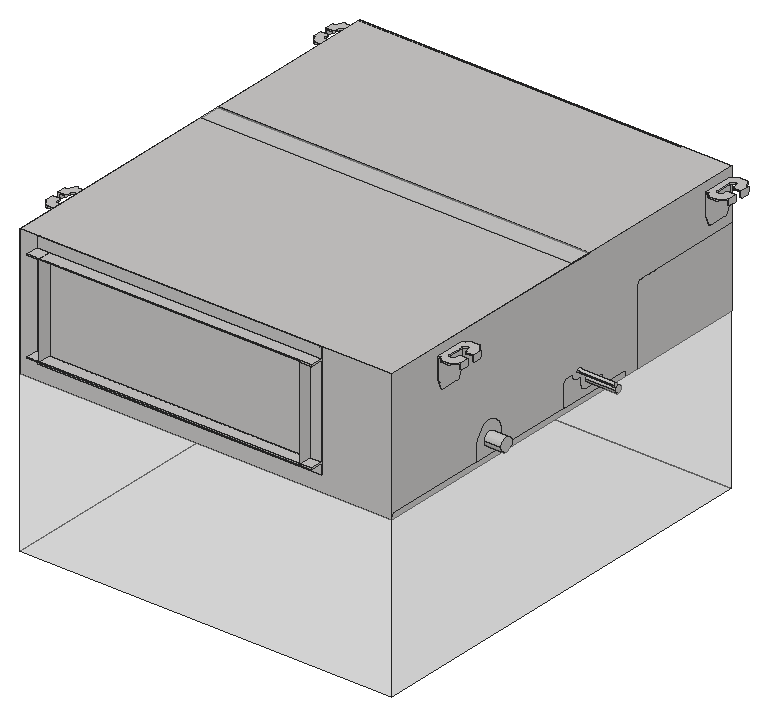
Revit family "outputfile", category 機械設備, Revit 2024
Family settings
  丸型コネクタ寸法 = 半径を使用
  パーツ タイプ = 標準
  OmniClass 番号 = 23.75.10.24.21.27.27
  OmniClass タイトル = Split System Air Conditioning Units
  作業面ベース = いいえ
  常に垂直 = はい
  ロード時にボイドで切り取り = いいえ
  注釈の向きを維持 = いいえ
  共有 = いいえ
  部屋計算ポイント = はい
Parameters (values of type "FDBF13DV2S")
  Description = ""
  書き出し IFC クラス(タイプ) = "IfcUnitaryEquipmentType"
  定義済み IFC タイプ(タイプ) = "AIRCONDITIONINGUNIT"
  Cost = 0
  Type Comments = ""
  Keynote = ""
  Type Image = (empty or 0)
  Assembly Code = ""
  switch_frequency = yes
  ra duct size width = 559 mm
  ra duct size height [instance] = if(Rear Connection_Return Air, 203 mm, 204 mm)  # 203 mm
  lw_duct size width = 604 mm
  connector_voltage = Voltage_50Hz  # 220 V
  connector_powerinput = [Power Input (Cooling)]  # 0.000 kW
  connector_phase = Phase_50Hz  # 1
  URL = ""
  RA_length [instance] = if(Rear Connection_Return Air, 126 mm, 125.5 mm)  # 126 mm
  angle_drainpipe [instance] = if(Right Connection_refrigerant, 90.00°, 270.00°)  # 90.00°
  angle_gaspipe [instance] = if(Right Connection_refrigerant, 90.00°, 270.00°)  # 90.00°
  angle_liquidpipe [instance] = if(Right Connection_refrigerant, 90.00°, 270.00°)  # 90.00°
  angle_Return Air [instance] = if(Rear Connection_Return Air, 90.00°, 0.00°)  # 90.00°
  Right Connection_refrigerant [instance] = yes
  Rear Connection_Return Air [instance] = not(Bottom Connection_Return Air)  # yes
  製造元 = "Daikin"
  モデル = "FDBF13DV2S"
  r_Liquid Pipe Size = Liquid Pipe Size / 2  # 3.2 mm
  r_Gas Pipe Size = Gas Pipe Size / 2  # 6.35 mm
  r_Drain Pipe Size = Drain Pipe Size / 2  # 12.5 mm
  lw_power = 60 mm  # constant formula
  lh_power = 30 mm  # constant formula
  ld_power = Depth / 2  # 400 mm
  Voltage_comment_50Hz = "220 - 240"
  Voltage_50Hz = 220 V
  Supply Air Direction [instance] = yes
  Sound Power Level_H speed (dB) = 0
  Phase_50Hz = 1
  Minimum External Static Pressure = 15.00 Pa
  Minimum Circuit Amps_50Hz = 0.0 A
  Maximum Fuse Amps_50Hz = 0.0 A
  Maximum External Static Pressure = 38.00 Pa
  Material_Casing = DAIKIN_GalvanizedSteel_Casing_indoorunit
  lw_mountinghole = 738 mm
  lh_gaspipe = 22 mm  # constant formula
  lh_mountinghole = 230 mm  # constant formula
  lh_liquidpipe = 185 mm  # constant formula
  lh_drainpipe = 207 mm  # constant formula
  lh_antena = (Height - lh_mountinghole) + 1 mm  # 16 mm
  ld_drainpipe = 228 mm  # constant formula
  ld_liquidpipe = 438 mm  # constant formula
  ld_gaspipe = 22 mm  # constant formula
  ld_mountinghole = 0 mm
  h*** = 0 mm
  lw_liquidpipe = 421 mm
  lw_gaspipe = 408 mm
  lw_drainpipe = 383 mm
  Width = 700 mm
  Version = "ver.1.0"
  Unit Type = "L.S.P. Duct for Bed Room"
  Unit Mass Weight = 26.00 kg
  Unit Designation [instance] = ""
  Uniclass2015Version = "Products v1.30"
  Uniclass2015Title = "Split coil room air conditioning units"
  Uniclass2015Code = "Pr_70_65_03_86"
  Total Cooling Capacity [instance] = 0.000 kW
  Sound Pressure Level_M speed (dBA) = 33
  Sound Pressure Level_L speed (dBA) = 25
  Sound Pressure Level_H speed (dBA) = 37
  Series = "SkyAir_Fan Coil Unit"
  Sensible Cooling Capacity [instance] = 0.000 kW
  SA Duct Size Width = 490 mm
  SA Duct Size Height = 174 mm
  Refrigerant Type = "R32"
  RA Duct Size Width = 563 mm
  RA Duct Size Height = 203 mm
  Power Input (Cooling) = 0.000 kW
  Option Accessory 3 [instance] = ""
  Option Accessory 2 [instance] = ""
  Option Accessory 1 [instance] = ""
  Nominal Cooling Capacity = 3.800 kW
  Minimum Airflow = 570.00 m³/h
  Median Airflow = 720.00 m³/h
  Maximum Airflow = 900.00 m³/h
  Load Classification = HVAC
  Liquid Pipe Size = 6.4 mm
  Link_Nested Family [instance] = ""
  Left Connection_refrigerant [instance] = not(Right Connection_refrigerant)  # no
  IfcVersion = ""
  IfcExportType = "AIRCONDITIONINGUNIT"
  IfcExportAs = "IfcUnitaryEquipmentType"
  Height = 245 mm
  Heat Exchanger Type = "Cross Fin Coil"
  Gas Pipe Size = 12.7 mm
  Frequency_50Hz = 50 Hz
  Fan Type = "Sirocco Fan"
  Fan Drive = "Direct Drive"
  FCU Tag No. [instance] = ""
  Drain Pipe Size = 25.0 mm
  Design Supply Airflow [instance] = 0.00 m³/h
  Design Return Airflow [instance] = 0.00 m³/h
  Design External Static Pressure [instance] = 0.00 Pa
  Depth = 800 mm
  既定の高さ = 0 mm
  Cooling Entering Wet Bulb Temperature [instance] = 0.00 °C
  Cooling Entering Dry Bulb Temperature [instance] = 0.00 °C
  Cooling Ambient Wet Bulb Temperature [instance] = 0.00 °C
  Cooling Ambient Dry Bulb Temperature [instance] = 0.00 °C
  Clearance visibility [instance] = yes
  Clearance Top = 0 mm
  Clearance Right = 0 mm
  Clearance Rear = 0 mm
  Clearance Left = 0 mm
  Clearance Front = 0 mm
  Clearance Bottom = 300 mm
  Bottom Connection_Return Air [instance] = no
Reference planes
  plane 1 "Center (Front/Back)": y = 0
  plane 2 "h": z = 0
  plane 3 "Center (Left/Right)": x = 0
  plane 4 "Back": y = 400
  plane 5 "Front": y = -400
  plane 6 "Left": x = -350
  plane 7 "Right": x = 350
  plane 8 "Top": z = 0
  plane 9 "Bottom": z = -245
  plane 10: y = 400
  plane 11: y = -400
  plane 12: x = -350
  plane 13: x = 350
  plane 14: z = 0
  plane 15: z = -545
  plane 16: y = 364
  plane 17: y = -266
  plane 18: z = -15
  plane 19: x = -317
  plane 20: x = -408
  plane 21: x = 408
  plane 22: x = -421
  plane 23: x = 421
  plane 24: y = 38
  plane 25: y = 60
  plane 26: y = -172
  plane 27: z = -207
  plane 28: z = -207
  plane 29: z = -185
  plane 30: x = -383
  plane 31: x = 383
  plane 32: x = 254.5
  plane 33: x = -349.5
  plane 34: y = 151.5
  plane 35: z = -215
  plane 36: x = 290
  plane 37: x = -47.5
  plane 38: y = 274
  plane 39: z = -119.5
  plane 40: x = -369
  plane 41: x = 369
Forms (mm)
  Extrusion 1, solid, material "DAIKIN_GalvanizedSteel_Casing_indoorunit" <- "Material_Casing"
    sketch origin (0, 0, 0) x (1, 0, 0) y (0, 1, 0)
      loop
        line (-350, 400) -> (-350, -400) -> (350, -400) -> (350, 400) -> (-350, 400)
    from -245 to 0
  Extrusion 2, solid, material "DAIKIN_GalvanizedSteel_Casing_indoorunit" <- "Material_Casing", visible <- "Right Connection_refrigerant"
    sketch origin (350, 0, 0) x (0, 1, 0) y (0, 0, 1)
      loop
        circle (-172, -207) r 12.5
    from 0 to 33
  Extrusion 3, solid, material "DAIKIN_GalvanizedSteel_Casing_indoorunit" <- "Material_Casing", visible <- "Left Connection_refrigerant"
    sketch origin (-350, 0, 0) x (0, 1, 0) y (0, 0, 1)
      loop
        circle (-172, -207) r 12.5
    from 0 to -33
  Extrusion 4, solid, material "DAIKIN_GalvanizedSteel_Casing_indoorunit" <- "Material_Casing", visible <- "Right Connection_refrigerant"
    sketch origin (350, 0, 0) x (0, 1, 0) y (0, 0, 1)
      loop
        circle (38, -185) r 3.2
    from 0 to 71
  Extrusion 5, solid, material "DAIKIN_GalvanizedSteel_Casing_indoorunit" <- "Material_Casing", visible <- "Right Connection_refrigerant"
    sketch origin (350, 0, 0) x (0, 1, 0) y (0, 0, 1)
      loop
        circle (60, -207) r 6.35
    from 0 to 58
  Extrusion 6, solid, material "DAIKIN_GalvanizedSteel_Casing_indoorunit" <- "Material_Casing", visible <- "Left Connection_refrigerant"
    sketch origin (-350, 0, 0) x (0, 1, 0) y (0, 0, 1)
      loop
        circle (60, -207) r 6.35
    from 0 to -58
  Extrusion 7, solid, material "DAIKIN_GalvanizedSteel_Casing_indoorunit" <- "Material_Casing", visible <- "Left Connection_refrigerant"
    sketch origin (-350, 0, 0) x (0, 1, 0) y (0, 0, 1)
      loop
        circle (38, -185) r 3.2
    from 0 to -71
  Extrusion 8, solid, material "DAIKIN_GalvanizedSteel_Casing_indoorunit" <- "Material_Casing", visible <- "Right Connection_refrigerant"
    sketch origin (350, 0, 0) x (0, 1, 0) y (0, 0, 1)
      loop
        line (22.284, -188) -> (7.5, -188)
        arc (7.5, -188) -> (5.379, -188.879) -> (4.5, -191) r 3
        line (4.5, -191) -> (4.5, -232)
        arc (4.5, -232) -> (5.379, -234.121) -> (7.5, -235) r 3
        line (7.5, -235) -> (91, -235)
        arc (91, -235) -> (93.121, -234.121) -> (94, -232) r 3
        line (94, -232) -> (94, -220)
        arc (94, -220) -> (93.121, -217.879) -> (91, -217) r 3
        line (91, -217) -> (75.564, -217)
        arc (75.564, -217) -> (51.595, -223.481) -> (42.766, -200.274) r 18.5
        arc (42.766, -200.274) -> (29.776, -198.725) -> (22.284, -188) r 16
    from 0 to -1
  Extrusion 9, solid, material "DAIKIN_GalvanizedSteel_Casing_indoorunit" <- "Material_Casing", visible <- "Left Connection_refrigerant"
    sketch origin (-350, 0, 0) x (0, 1, 0) y (0, 0, 1)
      loop
        line (22.284, -188) -> (7.5, -188)
        arc (7.5, -188) -> (5.379, -188.879) -> (4.5, -191) r 3
        line (4.5, -191) -> (4.5, -232)
        arc (4.5, -232) -> (5.379, -234.121) -> (7.5, -235) r 3
        line (7.5, -235) -> (91, -235)
        arc (91, -235) -> (93.121, -234.121) -> (94, -232) r 3
        line (94, -232) -> (94, -220)
        arc (94, -220) -> (93.121, -217.879) -> (91, -217) r 3
        line (91, -217) -> (75.564, -217)
        arc (75.564, -217) -> (51.595, -223.481) -> (42.766, -200.274) r 18.5
        arc (42.766, -200.274) -> (29.776, -198.725) -> (22.284, -188) r 16
    from 0 to 1
  Extrusion 10, solid, material "DAIKIN_GalvanizedSteel_Casing_indoorunit" <- "Material_Casing", visible <- "Right Connection_refrigerant"
    sketch origin (350, 0, 0) x (0, 1, 0) y (0, 0, 1)
      loop
        line (-199.5, -235) -> (-144.5, -235) -> (-144.5, -204.7)
        arc (-144.5, -204.7) -> (-152.555, -185.255) -> (-172, -177.2) r 27.5
        arc (-172, -177.2) -> (-191.445, -185.255) -> (-199.5, -204.7) r 27.5
        line (-199.5, -204.7) -> (-199.5, -235)
    from 0 to -1
  Extrusion 11, solid, material "DAIKIN_GalvanizedSteel_Casing_indoorunit" <- "Material_Casing", visible <- "Left Connection_refrigerant"
    sketch origin (-350, 0, 0) x (0, 1, 0) y (0, 0, 1)
      loop
        line (-199.5, -235) -> (-144.5, -235) -> (-144.5, -204.7)
        arc (-144.5, -204.7) -> (-152.555, -185.255) -> (-172, -177.2) r 27.5
        arc (-172, -177.2) -> (-191.445, -185.255) -> (-199.5, -204.7) r 27.5
        line (-199.5, -204.7) -> (-199.5, -235)
    from 0 to 1
  Extrusion 12, solid, material "DAIKIN_GalvanizedSteel_Casing_indoorunit" <- "Material_Casing", visible <- "Right Connection_refrigerant"
    sketch origin (350, 0, 0) x (0, 1, 0) y (0, 0, 1)
      loop
        line (400, -245) -> (400, -95.5) -> (182, -95.5)
        arc (182, -95.5) -> (179.879, -96.379) -> (179, -98.5) r 3
        line (179, -98.5) -> (179, -245) -> (400, -245)
    from 0 to -1
  Extrusion 13, solid, material "DAIKIN_GalvanizedSteel_Casing_indoorunit" <- "Material_Casing", visible <- "Bottom Connection_Return Air"
    sketch origin (0, 400, 0) x (-1, 0, 0) y (0, 0, 1)
      loop
        line (-254.5, 0) -> (-254.5, -245) -> (349.5, -245) -> (349.5, 0) -> (-254.5, 0)
    from 0 to -1
  Extrusion 14, solid, material "DAIKIN_GalvanizedSteel_Casing_indoorunit" <- "Material_Casing", visible <- "Rear Connection_Return Air"
    sketch origin (0, 0, -245) x (-1, 0, 0) y (0, -1, 0)
      loop
        line (349.5, -400) -> (349.5, -151.5) -> (-254.5, -151.5) -> (-254.5, -400) -> (349.5, -400)
    from 0 to 1
  Extrusion 15, solid, material "DAIKIN_GalvanizedSteel_Casing_indoorunit" <- "Material_Casing", visible <- "Right Connection_refrigerant"
    sketch origin (350, 0, 0) x (0, 1, 0) y (0, 0, 1)
      loop
        arc (-397, -235) -> (-399.121, -235.879) -> (-400, -238) r 3
        line (-400, -238) -> (-400, -245) -> (147.5, -245) -> (147.5, -238)
        arc (147.5, -238) -> (146.621, -235.879) -> (144.5, -235) r 3
        line (144.5, -235) -> (-397, -235)
    from 0 to -1
  Extrusion 16, solid, material "DAIKIN_GalvanizedSteel_Casing_indoorunit" <- "Material_Casing", visible <- "Left Connection_refrigerant"
    sketch origin (-350, 0, 0) x (0, 1, 0) y (0, 0, 1)
      loop
        arc (-397, -235) -> (-399.121, -235.879) -> (-400, -238) r 3
        line (-400, -238) -> (-400, -245) -> (147.5, -245) -> (147.5, -238)
        arc (147.5, -238) -> (146.621, -235.879) -> (144.5, -235) r 3
        line (144.5, -235) -> (-397, -235)
    from 0 to 1
  Extrusion 17, solid, material "DAIKIN_GalvanizedSteel_Casing_indoorunit" <- "Material_Casing", visible <- "Left Connection_refrigerant"
    sketch origin (-350, 0, 0) x (0, 1, 0) y (0, 0, 1)
      loop
        line (400, -245) -> (400, -95.5) -> (182, -95.5)
        arc (182, -95.5) -> (179.879, -96.379) -> (179, -98.5) r 3
        line (179, -98.5) -> (179, -245) -> (400, -245)
    from 0 to 1
  Extrusion 18, void
    sketch origin (0, 0, 0) x (-1, 0, 0) y (0, -1, 0)
      loop
        line (350, -66.5) -> (350, -25) -> (-350, -25) -> (-350, -66.5) -> (350, -66.5)
    from 0 to -1
Cuts and joins
  Extrusion 18 cuts Extrusion 1
Dimensions and locks
  "Height": plane 8 "Top" to plane 9 "Bottom"
  equal spacing: plane 4 "Back", plane 1 "Center (Front/Back)", plane 5 "Front"
  "Depth": plane 4 "Back" to plane 5 "Front"
  equal spacing: plane 6 "Left", plane 3 "Center (Left/Right)", plane 7 "Right"
  "Width": plane 6 "Left" to plane 7 "Right"
  "Clearance Left": plane 12 to plane 6 "Left"
  "Clearance Right": plane 7 "Right" to plane 13
  "Clearance Rear": plane 10 to plane 4 "Back"
  "Clearance Front": plane 5 "Front" to plane 11
  "Clearance Top": plane 14 to plane 8 "Top"
  "Clearance Bottom": plane 9 "Bottom" to plane 15
  locked: plane 4 "Back" to plane 16 at 36
  locked: plane 17 to plane 5 "Front" at 134
  locked: plane 6 "Left" to plane 19 at 33
  "ld_liquidpipe": plane 24 to plane 5 "Front"
  "ld_drainpipe": plane 26 to plane 5 "Front"
  "ld_gaspipe": plane 25 to plane 24
  "lh_drainpipe": plane 8 "Top" to plane 28
  "lh_liquidpipe": plane 8 "Top" to plane 29
  "lh_gaspipe": plane 29 to plane 27
  locked: plane 7 "Right" to plane 32 at 95.5
  locked: plane 33 to plane 6 "Left" at 0.5
  locked: plane 4 "Back" to plane 34 at 248.5
  "lw_drainpipe": plane 3 "Center (Left/Right)" to plane 31
  "lw_drainpipe": plane 30 to plane 3 "Center (Left/Right)"
  "lw_gaspipe": plane 3 "Center (Left/Right)" to plane 21
  "lw_gaspipe": plane 20 to plane 3 "Center (Left/Right)"
  "lw_liquidpipe": plane 3 "Center (Left/Right)" to plane 23
  "lw_liquidpipe": plane 22 to plane 3 "Center (Left/Right)"
  "lw_power": plane 7 "Right" to plane 36
  "lh_power": plane 9 "Bottom" to plane 35
  equal spacing: plane 33, plane 37, plane 32
  locked: plane 4 "Back" to plane 38 at 126
  locked: plane 9 "Bottom" to plane 39 at 125.5
  equal spacing: plane 40, plane 3 "Center (Left/Right)", plane 41
  "lw_mountinghole": plane 40 to plane 41
  "lh_mountinghole": plane 18 to plane 9 "Bottom"
  locked: Extrusion 18 sketch curve to Extrusion 18 sketch curve at 41.5
  locked: plane 1 "Center (Front/Back)" to Extrusion 18 sketch curve at 25
  "r_Drain Pipe Size": radius of Extrusion 2 sketch curve
  "r_Drain Pipe Size": radius of Extrusion 3 sketch curve
  "r_Liquid Pipe Size": radius of Extrusion 4 sketch curve
  "r_Gas Pipe Size": radius of Extrusion 5 sketch curve
  "r_Gas Pipe Size": radius of Extrusion 6 sketch curve
  "r_Liquid Pipe Size": radius of Extrusion 7 sketch curve
  aligned and locked: level to plane 2 "h"
  aligned and locked: plane 8 "Top" to Extrusion 1
  aligned and locked: Extrusion 1 to plane 9 "Bottom"
  aligned and locked: nested 2 to plane 11
  aligned and locked: plane 12 to nested 2
  aligned and locked: plane 13 to nested 2
  aligned and locked: nested 2 to plane 12
  aligned and locked: plane 10 to nested 2
  aligned and locked: plane 14 to nested 2
  aligned and locked: plane 15 to nested 2
  aligned and locked: plane 5 "Front" to Extrusion 1 sketch curve
  aligned and locked: level to plane 8 "Top"
  aligned and locked: nested 3 to plane 6 "Left"
  aligned and locked: nested 6 to plane 6 "Left"
  aligned and locked: plane 7 "Right" to nested 5
  aligned and locked: plane 7 "Right" to nested 4
  aligned and locked: nested 3 to plane 16
  aligned and locked: plane 16 to nested 4
  aligned and locked: plane 17 to nested 6
  aligned and locked: nested 5 to plane 17
  aligned and locked: plane 18 to nested 3
  aligned and locked: plane 18 to nested 6
  aligned and locked: plane 18 to nested 4
  aligned and locked: plane 18 to nested 5
  aligned and locked: nested 7 to plane 5 "Front"
  aligned and locked: nested 7 to plane 19
  aligned and locked: plane 28 to Extrusion 2 sketch curve
  aligned and locked: plane 26 to Extrusion 2 sketch curve
  aligned and locked: plane 31 to Extrusion 2
  aligned and locked: plane 28 to Extrusion 3 sketch curve
  aligned and locked: plane 26 to Extrusion 3 sketch curve
  aligned and locked: Extrusion 3 to plane 30
  aligned and locked: plane 29 to Extrusion 4 sketch curve
  aligned and locked: plane 24 to Extrusion 4 sketch curve
  aligned and locked: plane 23 to Extrusion 4
  aligned and locked: plane 28 to Extrusion 5 sketch curve
  aligned and locked: plane 25 to Extrusion 5 sketch curve
  aligned and locked: plane 21 to Extrusion 5
  aligned and locked: plane 28 to Extrusion 6 sketch curve
  aligned and locked: plane 25 to Extrusion 6 sketch curve
  aligned and locked: Extrusion 6 to plane 20
  aligned and locked: plane 29 to Extrusion 7 sketch curve
  aligned and locked: plane 24 to Extrusion 7 sketch curve
  aligned and locked: Extrusion 7 to plane 22
  aligned and locked: Extrusion 13 to plane 33
  aligned and locked: plane 32 to Extrusion 13
  aligned and locked: plane 8 "Top" to Extrusion 13
  aligned and locked: Extrusion 13 to plane 9 "Bottom"
  aligned and locked: Extrusion 14 to plane 33
  aligned and locked: plane 32 to Extrusion 14
  aligned and locked: Extrusion 14 to plane 34
  aligned and locked: plane 4 "Back" to Extrusion 14
  aligned and locked: nested 8 to plane 4 "Back"
  aligned and locked: nested 8 to plane 33
  aligned and locked: plane 8 "Top" to nested 8
  aligned and locked: nested 9 to plane 34
  aligned and locked: plane 4 "Back" to nested 9
  aligned and locked: plane 32 to nested 9
  aligned and locked: nested 9 to plane 9 "Bottom"
  aligned and locked: nested 10 to plane 26
  aligned and locked: plane 3 "Center (Left/Right)" to nested 10
  aligned and locked: nested 10 to plane 28
  aligned and locked: nested 11 to plane 24
  aligned and locked: plane 3 "Center (Left/Right)" to nested 11
  aligned and locked: nested 11 to plane 29
  aligned and locked: nested 12 to plane 25
  aligned and locked: plane 3 "Center (Left/Right)" to nested 12
  aligned and locked: nested 12 to plane 28
  aligned and locked: nested 13 to plane 35
  aligned and locked: nested 13 to plane 36
  aligned and locked: nested 13 to plane 1 "Center (Front/Back)"
  aligned and locked: plane 37 to nested 14
  aligned and locked: nested 14 to plane 38
  aligned and locked: plane 38 to nested 14  (x2)
  aligned and locked: plane 40 to nested 15
  aligned and locked: plane 17 to nested 15
  aligned and locked: plane 40 to nested 16
  aligned and locked: nested 16 to plane 16
  aligned and locked: plane 41 to nested 18
  aligned and locked: plane 17 to nested 18
  aligned and locked: plane 41 to nested 17
  aligned and locked: nested 17 to plane 16
  aligned and locked: plane 1 "Center (Front/Back)" to nested 1
  aligned and locked: plane 3 "Center (Left/Right)" to nested 1
  aligned and locked: plane 6 "Left" to Extrusion 18 sketch curve
  aligned and locked: Extrusion 18 sketch curve to plane 7 "Right"
  aligned and locked: plane 8 "Top" to nested 7
Automatic sketch dimensions
  Extrusion 1 sketch curve to plane 6 "Left" = 0 mm
  Extrusion 1 sketch curve to plane 7 "Right" = 0 mm
  Extrusion 1 sketch curve to plane 4 "Back" = 0 mm
  Extrusion 8 sketch curve to plane 24 = 0 mm
  Extrusion 8 sketch curve to plane 25 = 0 mm
  Extrusion 8 sketch curve to plane 27 = 0 mm
  Extrusion 8 sketch curve to plane 29 = 0 mm
  Extrusion 8 sketch curve to plane 29 = 3 mm
  Extrusion 8 sketch curve to plane 24 = 15.716 mm
  Extrusion 8 sketch curve to plane 1 "Center (Front/Back)" = 7.5 mm  (x2)
  Extrusion 8 sketch curve to Extrusion 8 sketch curve = 3 mm
  Extrusion 8 sketch curve to plane 35 = 2 mm
  plane 25 to Extrusion 8 sketch curve = 15.564 mm
  plane 9 "Bottom" to Extrusion 8 sketch curve = 10 mm
  Extrusion 8 sketch curve to Extrusion 8 sketch curve = 15.436 mm
  Extrusion 8 sketch curve to plane 35 = 5 mm
  Extrusion 8 sketch curve to Extrusion 8 sketch curve = 0 mm
  Extrusion 9 sketch curve to plane 24 = 0 mm
  Extrusion 9 sketch curve to plane 25 = 0 mm
  Extrusion 9 sketch curve to plane 27 = 0 mm
  Extrusion 9 sketch curve to plane 29 = 0 mm
  Extrusion 9 sketch curve to plane 29 = 3 mm
  Extrusion 9 sketch curve to plane 24 = 15.716 mm
  Extrusion 9 sketch curve to plane 1 "Center (Front/Back)" = 7.5 mm  (x2)
  Extrusion 9 sketch curve to Extrusion 9 sketch curve = 3 mm
  Extrusion 9 sketch curve to plane 35 = 2 mm
  plane 25 to Extrusion 9 sketch curve = 15.564 mm
  plane 9 "Bottom" to Extrusion 9 sketch curve = 10 mm
  Extrusion 9 sketch curve to Extrusion 9 sketch curve = 15.436 mm
  Extrusion 9 sketch curve to plane 35 = 5 mm
  Extrusion 9 sketch curve to Extrusion 9 sketch curve = 0 mm
  Extrusion 10 sketch curve to Extrusion 10 sketch curve = 0 mm  (x2)
  Extrusion 10 sketch curve to plane 26 = 0 mm
  plane 9 "Bottom" to Extrusion 10 sketch curve = 10 mm
  Extrusion 10 sketch curve to plane 26 = 27.5 mm
  plane 27 to Extrusion 10 sketch curve = 2.3 mm
  Extrusion 11 sketch curve to Extrusion 11 sketch curve = 0 mm  (x2)
  Extrusion 11 sketch curve to plane 26 = 0 mm
  plane 9 "Bottom" to Extrusion 11 sketch curve = 10 mm
  Extrusion 11 sketch curve to plane 26 = 27.5 mm
  plane 27 to Extrusion 11 sketch curve = 2.3 mm
  Extrusion 12 sketch curve to plane 9 "Bottom" = 0 mm
  Extrusion 12 sketch curve to plane 4 "Back" = 0 mm
  plane 34 to Extrusion 12 sketch curve = 30.5 mm
  Extrusion 12 sketch curve to Extrusion 12 sketch curve = 3 mm
  plane 39 to Extrusion 12 sketch curve = 21 mm
  Extrusion 13 sketch curve to plane 9 "Bottom" = 0 mm
  Extrusion 13 sketch curve to plane 32 = 0 mm
  Extrusion 13 sketch curve to plane 33 = 0 mm
  Extrusion 13 sketch curve to level = 0 mm
  Extrusion 14 sketch curve to plane 4 "Back" = 0 mm
  Extrusion 14 sketch curve to plane 32 = 0 mm
  Extrusion 14 sketch curve to plane 33 = 0 mm
  Extrusion 14 sketch curve to plane 34 = 0 mm
  Extrusion 15 sketch curve to plane 5 "Front" = 0 mm
  Extrusion 15 sketch curve to plane 9 "Bottom" = 0 mm
  Extrusion 15 sketch curve to Extrusion 15 sketch curve = 3 mm
  Extrusion 15 sketch curve to plane 34 = 7 mm
  Extrusion 15 sketch curve to plane 34 = 4 mm
  Extrusion 15 sketch curve to Extrusion 15 sketch curve = 7 mm
  Extrusion 16 sketch curve to plane 5 "Front" = 0 mm
  Extrusion 16 sketch curve to plane 9 "Bottom" = 0 mm
  Extrusion 16 sketch curve to Extrusion 16 sketch curve = 3 mm
  Extrusion 16 sketch curve to plane 34 = 7 mm
  Extrusion 16 sketch curve to plane 34 = 4 mm
  plane 9 "Bottom" to Extrusion 16 sketch curve = 7 mm
  Extrusion 17 sketch curve to plane 9 "Bottom" = 0 mm
  Extrusion 17 sketch curve to plane 4 "Back" = 0 mm
  plane 34 to Extrusion 17 sketch curve = 30.5 mm
  Extrusion 17 sketch curve to Extrusion 17 sketch curve = 3 mm
  plane 39 to Extrusion 17 sketch curve = 21 mm
Nested families
  nested 1: "daikin_△_symbolicline" at (0, 0, 245), built-in parameter 1001364 <- "Height", visible <- "Supply Air Direction", type "daikin_△_symbolicline"
    with length 200 mm
  nested 2: "daikin_clearancespace" at (0, 0, -272.381), visible <- "Clearance visibility", show <- "Clearance visibility", Link_Nested Family <- "Link_Nested Family", type "daikin_clearancespace"
    with width 700 mm, show yes, height 545 mm, depth 800 mm, Link_Nested Family ""
  nested 3: "daikin_hangerfixture_FDBF-DV2S" at (-350, 364, -15) x (0, -1, 0) z (0, 0, 1), type "daikin_hangerfixture_FDBF-DV2S"
  nested 4: "daikin_hangerfixture_FDBF-DV2S" at (350, 364, -15) x (0, 1, 0) z (0, 0, 1), type "daikin_hangerfixture_FDBF-DV2S"
  nested 5: "daikin_hangerfixture_FDBF-DV2S" at (350, -266, -15) x (0, 1, 0) z (0, 0, 1), type "daikin_hangerfixture_FDBF-DV2S"
  nested 6: "daikin_hangerfixture_FDBF-DV2S" at (-350, -266, -15) x (0, -1, 0) z (0, 0, 1), type "daikin_hangerfixture_FDBF-DV2S"
  nested 7: "daikin_ductflange_FDBF-DV2S_2" at (-49.5, -400, -108), type "daikin_ductflange_FDBF-DV2S_2"
  nested 8: "daikin_ductflange_FDBF-DV2S" at (-47.5, 400, -122.5), width <- "lw_duct size width", visible <- "Rear Connection_Return Air", material <- "Material_Casing", type "daikin_ductflange_FDBF-DV2S"
    with width 604 mm, material DAIKIN_GalvanizedSteel_Casing_indoorunit, height 245 mm, depth 1 mm
  nested 9: "daikin_ductflange_FDBF-DV2S_1" at (-47.5, 275.75, -244) x (1, 0, 0) z (0, -1, 0), width <- "lw_duct size width", visible <- "Bottom Connection_Return Air", material <- "Material_Casing", type "daikin_ductflange_FDBF-DV2S_1"
    with width 604 mm, material DAIKIN_GalvanizedSteel_Casing_indoorunit, height 248.5 mm, depth 1 mm
  nested 10: "daikin_connector_rotate3" at (0, -172, -207), length <- "lw_drainpipe", radius <- "r_Drain Pipe Size", angle_vertical <- "angle_drainpipe", type "daikin_connector_rotate3"
    with show no, radius 12.5 mm, length 383 mm, angle_vertical 90.00°, angle_horizontal 90.00°
  nested 11: "daikin_connector_rotate3" at (0, 38, -185), length <- "lw_liquidpipe", radius <- "r_Liquid Pipe Size", angle_vertical <- "angle_liquidpipe", type "daikin_connector_rotate3"
    with show no, radius 3.2 mm, length 421 mm, angle_vertical 90.00°, angle_horizontal 90.00°
  nested 12: "daikin_connector_rotate3" at (0, 60, -207), length <- "lw_gaspipe", radius <- "r_Gas Pipe Size", angle_vertical <- "angle_gaspipe", type "daikin_connector_rotate3"
    with show no, radius 6.35 mm, length 408 mm, angle_vertical 90.00°, angle_horizontal 90.00°
  nested 13: "daikin_connector_rotate2" at (290, 0, -215) x (-1, 0, 0) z (0, 0, 1), length <- "ld_power", type "daikin_connector_rotate2"
    with radius 10 mm, length 400 mm, angle_vertical 90.00°
  nested 14: "daikin_connector_rotate3" at (-47.5, 274, -119.5), angle_vertical <- "angle_Return Air", length <- "RA_length", type "daikin_connector_rotate3"
    with show no, radius 10 mm, length 126 mm, angle_vertical 90.00°, angle_horizontal 180.00°
  nested 15: "daikin_mountinghole" at (-369, -266, -245), h_mountinghole <- "lh_mountinghole", l_antenna <- "lh_antena", Link_Nested Family <- "Link_Nested Family", type "daikin_mountinghole"
    with show yes, l_antenna 16 mm, h_mountinghole 230 mm, Link_Nested Family ""
  nested 16: "daikin_mountinghole" at (-369, 364, -245), h_mountinghole <- "lh_mountinghole", l_antenna <- "lh_antena", Link_Nested Family <- "Link_Nested Family", type "daikin_mountinghole"
    with show yes, l_antenna 16 mm, h_mountinghole 230 mm, Link_Nested Family ""
  nested 17: "daikin_mountinghole" at (369, 364, -245), h_mountinghole <- "lh_mountinghole", l_antenna <- "lh_antena", type "daikin_mountinghole"
    with show yes, l_antenna 16 mm, h_mountinghole 230 mm, Link_Nested Family ""
  nested 18: "daikin_mountinghole" at (369, -266, -245), h_mountinghole <- "lh_mountinghole", l_antenna <- "lh_antena", type "daikin_mountinghole"
    with show yes, l_antenna 16 mm, h_mountinghole 230 mm, Link_Nested Family ""
Connectors
  hvac at (-49.5, -425, -108), driven by "SA Duct Size Height", driven by "SA Duct Size Width"
    settings: on nested 7, index 1, duct flow 0.00 m³/h, flow factor 0, pres drop 0.00 Pa, loss coef 0, conn angle 0.00°, conn width 490.0 mm, conn height 174.0 mm, conn diameter 609.6 mm, duct sys type 1, conn prof type 1, flow config 0, flow direction 2, loss method 4, conn ref index -1, conn util no, is conn primary yes, conn desc "SA Duct"
  piping at (408, 60, -207), diameter 12.7, driven by "r_Gas Pipe Size"
    settings: on nested 12, index 4, connector inside diameter 609.6 mm, connector length 0 mm, flow factor 0, pipe flow 0.00 m³/h, pressure drop 0.0 Pa, fitting loss kfactor 0, connector angle 0.00°, fixture units 0, engagement length 0 mm, angle of deflection 0.00°, flow configuration 1, flow direction 2, fitting loss method 0, system type 29, joint type 0, gender type 0, connector reference index -1, connector utility 0, adjustable connector no, is connector primary yes, connector description "Refrigerant Gas Piping"
  piping at (421, 38, -185), diameter 6.4, driven by "r_Liquid Pipe Size"
    settings: on nested 11, index 5, connector inside diameter 609.6 mm, connector length 0 mm, flow factor 0, pipe flow 0.00 m³/h, pressure drop 0.0 Pa, fitting loss kfactor 0, connector angle 0.00°, fixture units 0, engagement length 0 mm, angle of deflection 0.00°, flow configuration 1, flow direction 1, fitting loss method 0, system type 29, joint type 0, gender type 0, connector reference index -1, connector utility 0, adjustable connector no, is connector primary no, connector description "Refrigerant Liquid Piping"
  piping at (383, -172, -207), diameter 25, driven by "r_Drain Pipe Size"
    settings: on nested 10, index 6, connector inside diameter 609.6 mm, connector length 0 mm, flow factor 0, pipe flow 0.00 m³/h, pressure drop 0.0 Pa, fitting loss kfactor 0, connector angle 0.00°, fixture units 0, engagement length 0 mm, angle of deflection 0.00°, flow configuration 1, flow direction 2, fitting loss method 4, system type 16, joint type 0, gender type 0, connector reference index -1, connector utility 0, adjustable connector no, is connector primary no, connector description "Condensate Drain Piping"
  hvac at (-47.5, 400, -119.5), driven by "ra duct size height", driven by "RA Duct Size Width"
    settings: on nested 14, index 7, duct flow 0.00 m³/h, flow factor 0, pres drop 0.00 Pa, loss coef 0, conn angle 0.00°, conn width 563.0 mm, conn height 203.0 mm, conn diameter 609.6 mm, duct sys type 2, conn prof type 1, flow config 0, flow direction 1, loss method 4, conn ref index -1, conn util no, is conn primary no, conn desc "RA Duct"
  electrical at (290, 400, -215), driven by "Load Classification", driven by "connector_powerinput", driven by "connector_voltage", driven by "connector_phase"
    settings: on nested 13, index 8, voltage 220 V, apparent load 0 VA, apparent load phase1 0 VA, apparent load phase2 0 VA, apparent load phase3 0 VA, power factor 1, load classification "HVAC", number of poles 1, system type 30, power factor state 1, is connector primary yes, connector utility no, sub classification motor no, connector description "Power Supply"
Definition of nested family "daikin_clearancespace"
  Parameters (values of type "daikin_clearancespace")
    Description = "daikin_clearancespace"
    width [instance] = 1823.963 mm
    show [instance] = yes
    material = none
    height [instance] = 1359.762 mm
    depth [instance] = 880 mm
    Default Elevation = 0 mm
    Link_Nested Family [instance] = ""
  Reference planes
    plane 1 "Center (Front/Back)": y = 0
    plane 2 "Center (Elevation)": z = -0.119
    plane 3 "Center (Left/Right)": x = 0
    plane 4: y = 440
    plane 5: y = -440
    plane 6 "Right": x = 911.982
    plane 7 "Left": x = -911.982
    plane 8 "Top": z = 679.762
    plane 9 "Bottom": z = -680
  Forms (mm)
    Extrusion 1, solid, material <- "material", visible <- "show"
      sketch origin (0, 0, 0) x (1, 0, 0) y (0, 1, 0)
        loop
          line (-911.982, 440) -> (-911.982, -440) -> (911.982, -440) -> (911.982, 440) -> (-911.982, 440)
      from -680 to 679.762
  Lines and regions (mm)
    symbolic lines, visible <- "show"
      curve 1: line (911.982, 440, 0) -> (-911.982, 440, 0)
      curve 2: line (-911.982, 440, 0) -> (-911.982, -440, 0)
      curve 3: line (-911.982, -440, 0) -> (911.982, -440, 0)
      curve 4: line (911.982, -440, 0) -> (911.982, 440, 0)
      curve 5: line (911.982, 0, 679.762) -> (-911.982, 0, 679.762)
      curve 6: line (911.982, 0, -680) -> (911.982, 0, 679.762)
      curve 7: line (-911.982, 0, -680) -> (911.982, 0, -680)
      curve 8: line (-911.982, 0, 679.762) -> (-911.982, 0, -680)
      curve 9: line (0, 440, 679.762) -> (0, -440, 679.762)
      curve 10: line (0, -440, 679.762) -> (0, -440, -680)
      curve 11: line (0, 440, -680) -> (0, 440, 679.762)
      curve 12: line (0, -440, -680) -> (0, 440, -680)
  Dimensions and locks
    "width": plane 7 "Left" to plane 6 "Right"
    "depth": plane 4 to plane 5
    "height": plane 8 "Top" to plane 9 "Bottom"
    equal spacing: plane 7 "Left", plane 3 "Center (Left/Right)", plane 6 "Right"
    equal spacing: plane 4, plane 1 "Center (Front/Back)", plane 5
    equal spacing: plane 8 "Top", plane 2 "Center (Elevation)", plane 9 "Bottom"
    aligned and locked: level to plane 2 "Center (Elevation)"
    aligned and locked: Extrusion 1 sketch curve to plane 4
    aligned and locked: plane 7 "Left" to Extrusion 1 sketch curve
    aligned and locked: Extrusion 1 sketch curve to plane 5
    aligned and locked: Extrusion 1 sketch curve to plane 6 "Right"
    aligned and locked: plane 8 "Top" to Extrusion 1
    aligned and locked: curve 1 to Extrusion 1
    aligned and locked: curve 2 to Extrusion 1
    aligned and locked: curve 3 to Extrusion 1
    aligned and locked: curve 4 to Extrusion 1
    aligned and locked: curve 5 to Extrusion 1
    aligned and locked: curve 6 to Extrusion 1
    aligned and locked: curve 7 to Extrusion 1
    aligned and locked: curve 8 to Extrusion 1
    aligned and locked: curve 9 to Extrusion 1
    aligned and locked: curve 10 to Extrusion 1
    aligned and locked: curve 11 to Extrusion 1
    aligned and locked: curve 12 to Extrusion 1
    aligned and locked: Extrusion 1 to plane 9 "Bottom"
Definition of nested family "daikin_hangerfixture_FDBF-DV2S"
  Parameters (values of type "daikin_hangerfixture_FDBF-DV2S")
    width = 72 mm
    material = none
    height = 60 mm
    depth = 41 mm
    Default Elevation = 0 mm
  Reference planes
    plane 1 "Center (Front/Back)": y = 0
    plane 2: z = 0
    plane 3 "Center (Left/Right)": x = 0
    plane 4: y = 417.146
    plane 5: y = -41
    plane 6: x = -36
    plane 7: x = 36
    plane 8: z = -2.3
    plane 9: z = -60
    plane 10: y = -2.3
    plane 11: z = -12
    plane 12: y = -38.7
  Forms (mm)
    Extrusion 1, solid, material <- "material"
      sketch origin (0, 0, 0) x (1, 0, 0) y (0, 1, 0)
        loop
          line (-28, 0) -> (-28, -5)
          arc (-28, -5) -> (-29.127, -8.162) -> (-32, -9.899) r 5
          arc (-32, -9.899) -> (-34.873, -11.636) -> (-36, -14.798) r 5
          line (-36, -14.798) -> (-36, -27.178)
          arc (-36, -27.178) -> (-35.429, -29.499) -> (-33.846, -31.289) r 5
          line (-33.846, -31.289) -> (-23, -38.798) -> (-23, -41.098) -> (-6.5, -41.098) -> (-6.5, -28.498)
          arc (-6.5, -28.498) -> (-7.379, -26.377) -> (-9.5, -25.498) r 3
          line (-9.5, -25.498) -> (-13.5, -25.498)
          arc (-13.5, -25.498) -> (-20, -18.998) -> (-13.5, -12.498) r 6.5
          line (-13.5, -12.498) -> (13.5, -12.498)
          arc (13.5, -12.498) -> (20, -18.998) -> (13.5, -25.498) r 6.5
          line (13.5, -25.498) -> (9.5, -25.498)
          arc (9.5, -25.498) -> (7.379, -26.377) -> (6.5, -28.498) r 3
          line (6.5, -28.498) -> (6.5, -41.098) -> (23, -41.098) -> (23, -38.798) -> (33.846, -31.289)
          arc (33.846, -31.289) -> (35.429, -29.499) -> (36, -27.178) r 5
          line (36, -27.178) -> (36, -14.596)
          arc (36, -14.596) -> (34.873, -11.434) -> (32, -9.697) r 5
          arc (32, -9.697) -> (29.127, -7.96) -> (28, -4.798) r 5
          line (28, -4.798) -> (28, 0) -> (-28, 0)
      from 0 to -2.3
    Extrusion 2, solid, material <- "material"
      sketch origin (0, 0, 0) x (1, 0, 0) y (0, 0, 1)
        loop
          line (28, -39.037) -> (28, 0) -> (-28, 0) -> (-28, -39.037)
          arc (-28, -39.037) -> (-27.91, -39.983) -> (-27.642, -40.894) r 5
          line (-27.642, -40.894) -> (-21.257, -56.857)
          arc (-21.257, -56.857) -> (-19.418, -59.14) -> (-16.615, -60) r 5
          line (-16.615, -60) -> (16.615, -60)
          arc (16.615, -60) -> (19.418, -59.14) -> (21.257, -56.857) r 5
          line (21.257, -56.857) -> (27.642, -40.894)
          arc (27.642, -40.894) -> (27.91, -39.983) -> (28, -39.037) r 5
      from 0 to 2.3
    Extrusion 3, solid, material <- "material"
      sketch origin (0, 0, 0) x (1, 0, 0) y (0, 0, 1)
        loop
          line (-23, 0) -> (-23, -9)
          arc (-23, -9) -> (-22.121, -11.121) -> (-20, -12) r 3
          line (-20, -12) -> (-9.5, -12)
          arc (-9.5, -12) -> (-7.379, -11.121) -> (-6.5, -9) r 3
          line (-6.5, -9) -> (-6.5, 0) -> (-23, 0)
        loop
          line (23, 0) -> (6.5, 0) -> (6.5, -9)
          arc (6.5, -9) -> (7.379, -11.121) -> (9.5, -12) r 3
          line (9.5, -12) -> (20, -12)
          arc (20, -12) -> (22.121, -11.121) -> (23, -9) r 3
          line (23, -9) -> (23, 0)
      from 38.8 to 41.098
  Cuts and joins
    joined: Extrusion 1, Extrusion 2, Extrusion 3
  Dimensions and locks
    plane 2 to plane 8 = 2.3 mm
    "height": plane 2 to plane 9
    locked: plane 10 to plane 1 "Center (Front/Back)" at 2.3
    locked: plane 2 to plane 11 at 12
    locked: plane 12 to plane 5 at 2.3
    "width": plane 6 to plane 7
    "depth": plane 1 "Center (Front/Back)" to plane 5
    aligned and locked: level to plane 2
    aligned and locked: Extrusion 1 to plane 8
    aligned and locked: plane 2 to Extrusion 1
    aligned and locked: plane 2 to Extrusion 2 sketch curve
    aligned and locked: Extrusion 2 to plane 10
    aligned and locked: Extrusion 2 to plane 1 "Center (Front/Back)"
    aligned and locked: Extrusion 3 sketch curve to cut or joined group of Extrusion 1, Extrusion 2, Extrusion 3  (x3)
    aligned and locked: cut or joined group of Extrusion 1, Extrusion 2, Extrusion 3 to Extrusion 3
  Automatic sketch dimensions
    Extrusion 2 sketch curve to plane 7 = 8 mm
    Extrusion 2 sketch curve to plane 8 = 36.737 mm
    plane 6 to Extrusion 2 sketch curve = 19.385 mm
    Extrusion 1 sketch curve to plane 6 = 0 mm
    plane 1 "Center (Front/Back)" to Extrusion 1 sketch curve = 0 mm
    Extrusion 1 sketch curve to plane 7 = 0 mm
    plane 6 to Extrusion 1 sketch curve = 2.154 mm
    plane 6 to Extrusion 1 sketch curve = 3 mm
    Extrusion 1 sketch curve to Extrusion 1 sketch curve = 5 mm  (x3)
    Extrusion 1 sketch curve to plane 12 = 0.098 mm  (x2)
    Extrusion 1 sketch curve to Extrusion 1 sketch curve = 4 mm  (x2)
    Extrusion 1 sketch curve to plane 5 = 0.098 mm  (x2)
    Extrusion 1 sketch curve to plane 3 "Center (Left/Right)" = 6.5 mm
    plane 3 "Center (Left/Right)" to Extrusion 1 sketch curve = 6.5 mm
    Extrusion 1 sketch curve to Extrusion 1 sketch curve = 3 mm
    Extrusion 1 sketch curve to plane 7 = 8 mm
    Extrusion 1 sketch curve to plane 7 = 5 mm
    Extrusion 1 sketch curve to plane 7 = 3 mm
    Extrusion 1 sketch curve to plane 7 = 2.154 mm
    plane 12 to Extrusion 1 sketch curve = 7.411 mm  (x2)
    plane 12 to Extrusion 1 sketch curve = 10.202 mm  (x2)
    Extrusion 1 sketch curve to Extrusion 1 sketch curve = 6.5 mm  (x2)
    Extrusion 1 sketch curve to Extrusion 1 sketch curve = 12.38 mm
    Extrusion 1 sketch curve to plane 10 = 12.296 mm
    Extrusion 1 sketch curve to plane 10 = 2.7 mm
    Extrusion 1 sketch curve to plane 10 = 2.498 mm
    plane 6 to Extrusion 1 sketch curve = 4 mm
    Extrusion 1 sketch curve to Extrusion 1 sketch curve = 0 mm  (x2)
    Extrusion 1 sketch curve to plane 7 = 4 mm
    Extrusion 1 sketch curve to Extrusion 1 sketch curve = 4.111 mm
    Extrusion 3 sketch curve to level = 0 mm  (x2)
    Extrusion 3 sketch curve to plane 11 = 0 mm  (x2)
    plane 11 to Extrusion 3 sketch curve = 3 mm  (x2)
    plane 3 "Center (Left/Right)" to Extrusion 3 sketch curve = 6.5 mm
    Extrusion 3 sketch curve to Extrusion 3 sketch curve = 3 mm  (x2)
    Extrusion 2 sketch curve to plane 9 = 0 mm
    Extrusion 2 sketch curve to Extrusion 2 sketch curve = 11.385 mm
    plane 6 to Extrusion 2 sketch curve = 8 mm
    plane 9 to Extrusion 2 sketch curve = 20.963 mm
    Extrusion 2 sketch curve to Extrusion 2 sketch curve = 5 mm  (x2)
    plane 9 to Extrusion 2 sketch curve = 3.143 mm  (x3)
    Extrusion 2 sketch curve to Extrusion 2 sketch curve = 4.642 mm  (x2)
    Extrusion 2 sketch curve to Extrusion 2 sketch curve = 0 mm  (x2)
    Extrusion 2 sketch curve to Extrusion 2 sketch curve = 0.358 mm
    Extrusion 2 sketch curve to Extrusion 2 sketch curve = 1.857 mm  (x2)
Definition of nested family "daikin_ductflange_FDBF-DV2S_2"
  Parameters (values of type "daikin_ductflange_FDBF-DV2S_2")
    width = if(w = 700 mm, 535 mm, if(w = 1000 mm, 835 mm, 535 mm))  # 535 mm
    w = 700 mm
    material = none
    height = 174 mm
    depth = 25 mm
    Default Elevation = 0 mm
  Reference planes
    plane 1 "Center (Front/Back)": y = 0
    plane 2: z = 0
    plane 3 "Center (Left/Right)": x = 0
    plane 4: y = -25
    plane 5: x = -267.5
    plane 6: x = 267.5
    plane 7: x = 245
    plane 8: x = -245
    plane 9: x = 246
    plane 10: x = -246
    plane 11: y = -1
    plane 12: z = 108
    plane 13: z = -108
    plane 14: z = 87
    plane 15: z = -87
  Forms (mm)
    Extrusion 1, solid, material <- "material"
      sketch origin (0, 0, 0) x (1, 0, 0) y (0, 0, 1)
        loop
          line (245, 87) -> (245, -87) -> (267.5, -87) -> (267.5, -86) -> (246, -86) -> (246, 86) -> (267.5, 86) -> (267.5, 87) -> (245, 87)
      from 0 to 25
    Extrusion 2, solid, material <- "material"
      sketch origin (0, 0, 0) x (1, 0, 0) y (0, 0, 1)
        loop
          line (-267.5, 87) -> (-267.5, 86) -> (-246, 86) -> (-246, -86) -> (-267.5, -86) -> (-267.5, -87) -> (-245, -87) -> (-245, 87) -> (-267.5, 87)
      from 0 to 25
    Extrusion 3, solid, material <- "material"
      sketch origin (0, 0, 0) x (1, 0, 0) y (0, 0, 1)
        loop
          line (-267.5, 87) -> (-267.5, -87) -> (-245, -87) -> (-245, 87) -> (-267.5, 87)
        loop
          line (267.5, 87) -> (245, 87) -> (245, -87) -> (267.5, -87) -> (267.5, 87)
      from 0 to 1
    Extrusion 4, solid, material <- "material"
      sketch origin (0, 0, 0) x (0, 1, 0) y (0, 0, 1)
        loop
          line (0, 108) -> (-1, 108) -> (-1, 88) -> (-25, 88) -> (-25, 87) -> (0, 87) -> (0, 108)
        loop
          line (0, -108) -> (0, -87) -> (-25, -87) -> (-25, -88) -> (-1, -88) -> (-1, -108) -> (0, -108)
      from -267.5 to 267.5
  Cuts and joins
    joined: Extrusion 1, Extrusion 2, Extrusion 3, Extrusion 4
  Dimensions and locks
    "depth": plane 4 to plane 1 "Center (Front/Back)"
    locked: plane 6 to plane 7 at 22.5
    locked: plane 8 to plane 5 at 22.5
    locked: plane 9 to plane 7 at 1
    equal spacing: plane 7, plane 3 "Center (Left/Right)", plane 8
    locked: plane 8 to plane 10 at 1
    locked: plane 11 to plane 1 "Center (Front/Back)" at 1
    "width": plane 6 to plane 5
    equal spacing: plane 14, level, plane 15
    "height": plane 14 to plane 15
    plane 12 to plane 13 = 216 mm
    equal spacing: plane 12, level, plane 13
    aligned and locked: level to plane 2
    aligned and locked: plane 7 to Extrusion 1 sketch curve
    aligned and locked: Extrusion 1 sketch curve to plane 6
    aligned and locked: plane 4 to Extrusion 1
    aligned and locked: Extrusion 2 sketch curve to plane 8
    aligned and locked: plane 10 to Extrusion 2 sketch curve
    aligned and locked: Extrusion 2 to plane 1 "Center (Front/Back)"
    aligned and locked: plane 4 to Extrusion 2
    aligned and locked: Extrusion 3 sketch curve to Extrusion 2
    aligned and locked: Extrusion 1 to Extrusion 3 sketch curve
    aligned and locked: Extrusion 3 to plane 1 "Center (Front/Back)"
    aligned and locked: plane 11 to Extrusion 3
    aligned and locked: Extrusion 4 sketch curve to plane 1 "Center (Front/Back)"
    aligned and locked: plane 11 to Extrusion 4 sketch curve
    aligned and locked: plane 4 to Extrusion 4 sketch curve
    aligned and locked: plane 1 "Center (Front/Back)" to Extrusion 4 sketch curve
    aligned and locked: Extrusion 4 sketch curve to plane 11
    aligned and locked: Extrusion 4 sketch curve to plane 4
    aligned and locked: Extrusion 4 to plane 5
    aligned and locked: plane 6 to Extrusion 4
    aligned and locked: plane 12 to cut or joined group of Extrusion 1, Extrusion 2, Extrusion 3, Extrusion 4
    aligned and locked: cut or joined group of Extrusion 1, Extrusion 2, Extrusion 3, Extrusion 4 to plane 13
    aligned and locked: cut or joined group of Extrusion 1, Extrusion 2, Extrusion 3, Extrusion 4 to plane 14
    aligned and locked: plane 15 to cut or joined group of Extrusion 1, Extrusion 2, Extrusion 3, Extrusion 4
    aligned and locked: plane 14 to cut or joined group of Extrusion 1, Extrusion 2, Extrusion 3, Extrusion 4  (x2)
    aligned and locked: cut or joined group of Extrusion 1, Extrusion 2, Extrusion 3, Extrusion 4 to plane 15  (x2)
    aligned and locked: Extrusion 3 sketch curve to plane 14
    aligned and locked: plane 14 to Extrusion 3 sketch curve
    aligned and locked: Extrusion 3 sketch curve to plane 15
  Automatic sketch dimensions
    Extrusion 1 sketch curve to plane 9 = 0 mm
    Extrusion 2 sketch curve to plane 5 = 0 mm  (x2)
    Extrusion 3 sketch curve to plane 5 = 0 mm
    Extrusion 3 sketch curve to plane 6 = 0 mm
    Extrusion 1 sketch curve to plane 6 = 0 mm
    Extrusion 4 sketch curve to Extrusion 4 sketch curve = 1 mm  (x2)
    Extrusion 2 sketch curve to Extrusion 2 sketch curve = 1 mm  (x2)
    Extrusion 1 sketch curve to Extrusion 1 sketch curve = 1 mm  (x2)
    level to Extrusion 4 sketch curve = 87 mm
    Extrusion 4 sketch curve to Extrusion 4 sketch curve = 20 mm  (x2)
    Extrusion 3 sketch curve to level = 87 mm
    Extrusion 4 sketch curve to level = 87 mm
    Extrusion 1 sketch curve to plane 14 = 0 mm
    Extrusion 1 sketch curve to plane 15 = 0 mm
    Extrusion 2 sketch curve to plane 14 = 0 mm
    Extrusion 2 sketch curve to plane 15 = 0 mm
Definition of nested family "daikin_ductflange_FDBF-DV2S"
  Parameters (values of type "daikin_ductflange_FDBF-DV2S")
    width [instance] = 604 mm
    material [instance] = none
    height [instance] = 245 mm
    depth [instance] = 1 mm
    Default Elevation = 0 mm
  Reference planes
    plane 1 "Center (Front/Back)": y = 0
    plane 2: z = 0
    plane 3 "Center (Left/Right)": x = 0
    plane 4: x = -302
    plane 5: x = 302
    plane 6: z = 122.5
    plane 7: z = -122.5
    plane 8: y = -1
  Forms (mm)
    Extrusion 1, solid, material <- "material"
      sketch origin (0, 0, 0) x (1, 0, 0) y (0, 0, 1)
        loop
          line (-281.5, 104.5) -> (-281.5, -98.5) -> (281.5, -98.5) -> (281.5, 104.5) -> (-281.5, 104.5)
        loop
          line (-302, -122.5) -> (302, -122.5) -> (302, 122.5) -> (-302, 122.5) -> (-302, -122.5)
      from 0 to 1
  Dimensions and locks
    equal spacing: plane 5, plane 3 "Center (Left/Right)", plane 4
    "width": plane 5 to plane 4
    locked: Extrusion 1 sketch curve to Extrusion 1 sketch curve at 18
    locked: Extrusion 1 sketch curve to Extrusion 1 sketch curve at 24
    locked: Extrusion 1 sketch curve to Extrusion 1 sketch curve at 20.5  (x2)
    equal spacing: plane 6, level, plane 7
    "height": plane 6 to plane 7
    aligned and locked: level to plane 2
    aligned and locked: plane 6 to Extrusion 1
    aligned and locked: Extrusion 1 to plane 4
    aligned and locked: Extrusion 1 to plane 7
    aligned and locked: plane 5 to Extrusion 1
    aligned and locked: plane 8 to Extrusion 1
  Automatic sketch dimensions
    Extrusion 1 sketch curve to plane 4 = 0 mm
    plane 5 to Extrusion 1 sketch curve = 0 mm
    Extrusion 1 sketch curve to plane 6 = 18 mm
    plane 7 to Extrusion 1 sketch curve = 24 mm
Definition of nested family "daikin_ductflange_FDBF-DV2S_1"
  Parameters (values of type "daikin_ductflange_FDBF-DV2S_1")
    width [instance] = 604 mm
    material [instance] = none
    height [instance] = 248.5 mm
    depth [instance] = 1 mm
    Default Elevation = 0 mm
  Reference planes
    plane 1 "Center (Front/Back)": y = 0
    plane 2: z = 0
    plane 3 "Center (Left/Right)": x = 0
    plane 4: x = -302
    plane 5: x = 302
    plane 6: z = 124.25
    plane 7: z = -124.25
    plane 8: y = -1
  Forms (mm)
    Extrusion 1, solid, material <- "material"
      sketch origin (0, 0, 0) x (1, 0, 0) y (0, 0, 1)
        loop
          line (-281.5, 103.75) -> (-281.5, -100.25) -> (281.5, -100.25) -> (281.5, 103.75) -> (-281.5, 103.75)
        loop
          line (-302, -124.25) -> (302, -124.25) -> (302, 124.25) -> (-302, 124.25) -> (-302, -124.25)
      from 0 to 1
  Dimensions and locks
    equal spacing: plane 5, plane 3 "Center (Left/Right)", plane 4
    "width": plane 5 to plane 4
    locked: Extrusion 1 sketch curve to Extrusion 1 sketch curve at 20.5  (x3)
    locked: Extrusion 1 sketch curve to Extrusion 1 sketch curve at 24
    equal spacing: plane 6, level, plane 7
    "height": plane 6 to plane 7
    "depth": plane 8 to plane 1 "Center (Front/Back)"
    aligned and locked: level to plane 2
    aligned and locked: plane 6 to Extrusion 1
    aligned and locked: Extrusion 1 to plane 4
    aligned and locked: Extrusion 1 to plane 7
    aligned and locked: plane 5 to Extrusion 1
    aligned and locked: plane 8 to Extrusion 1
  Automatic sketch dimensions
    Extrusion 1 sketch curve to plane 4 = 0 mm
    plane 5 to Extrusion 1 sketch curve = 0 mm
    Extrusion 1 sketch curve to plane 6 = 20.5 mm
    plane 7 to Extrusion 1 sketch curve = 24 mm
Definition of nested family "daikin_△_symbolicline"
  Parameters (values of type "daikin_△_symbolicline")
    length [instance] = 200 mm
    Default Elevation = 0 mm
  Reference planes
    plane 1 "Center (Front/Back)": y = 0
    plane 2: z = 0
    plane 3 "Center (Left/Right)": x = 0
  Lines and regions (mm)
    symbolic lines
      curve 1: line (0, -173.205, 0) -> (100, 0, 0)
      curve 2: line (100, 0, 0) -> (-100, 0, 0)
      curve 3: line (-100, 0, 0) -> (0, -173.205, 0)
  Dimensions and locks
    equal spacing: curve 3, plane 3 "Center (Left/Right)", curve 2
    "length": curve 3 to curve 2
    "length": curve 3 to curve 3
    "length": curve 1 to curve 1
    aligned and locked: level to plane 2
    aligned and locked: curve 2 to plane 1 "Center (Front/Back)"
    aligned and locked: plane 3 "Center (Left/Right)" to curve 3
Definition of nested family "daikin_connector_rotate3"
  Parameters (values of type "daikin_connector_rotate3")
    show [instance] = yes
    radius [instance] = 10 mm
    length [instance] = 600 mm
    angle_horizontal [instance] = 60.00°
    angle_vertical [instance] = 90.00°
    Default Elevation = 0 mm
  Reference planes
    plane 1 "Center (Front/Back)": y = 0
    plane 2: z = 0
    plane 3 "Center (Left/Right)": x = 0
  Dimensions and locks
    "angle_horizontal": angle plane 3 "Center (Left/Right)" to nested 1
    aligned and locked: level to plane 2
    aligned and locked: plane 1 "Center (Front/Back)" to nested 1  (x2)
    aligned and locked: plane 3 "Center (Left/Right)" to nested 1
  Nested families
    nested 1: "daikin_connector_rotate2" at (0, 0, 0) x (0.5, 0.866, 0) z (0, 0, 1), angle_vertical <- "angle_vertical", length <- "length", radius <- "radius", type "daikin_connector_rotate2"
      with radius 10 mm, length 600 mm, angle_vertical 90.00°
  Definition of nested family "daikin_connector_rotate2"
    Parameters (values of type "daikin_connector_rotate2")
      show_face = yes
      radius [instance] = 10 mm
      length [instance] = 600 mm
      d_surface = 10 mm
      angle_vertical [instance] = 90.00°
      Default Elevation = 0 mm
    Reference planes
      plane 1 "Center (Front/Back)": y = 0
      plane 2: z = 0
      plane 3 "Center (Left/Right)": x = 0
    Forms (mm)
      Extrusion 1, solid, visible <- "show_face"
        sketch origin (0, -600, 0) x (1, 0, 0) y (0, 0, 1)
          loop
            circle (0, 0) r 10
        from 0 to -10
    Lines and regions (mm)
      reference lines
        curve 1: line (0, 0, 0) -> (0, -600, 0)
      symbolic lines
        curve 2: circle (0, 0, 0) r 5 normal (0, 0, 1)
      model lines, visible <- "show_face"
        curve 3: line (0, 0, 0) -> (0, -600, 0)
    Dimensions and locks
      "length": curve 1 to curve 1
      "length": curve 3 to curve 3
      "d_surface": Extrusion 1 to Extrusion 1
      "radius": radius of Extrusion 1 sketch curve
      "angle_vertical": angle curve 1 to plane 1 "Center (Front/Back)"
      "angle_vertical": angle curve 3 to plane 1 "Center (Front/Back)"
      aligned and locked: level to plane 2
      aligned and locked: plane 1 "Center (Front/Back)" to curve 1
      aligned and locked: plane 2 to curve 1
      aligned and locked: plane 1 "Center (Front/Back)" to curve 2
      aligned and locked: plane 3 "Center (Left/Right)" to curve 2
      aligned and locked: plane 1 "Center (Front/Back)" to curve 3
      aligned and locked: plane 2 to curve 3
      aligned and locked: Extrusion 1 to Extrusion 1
    Automatic sketch dimensions
      Extrusion 1 sketch curve to level = 0 mm
      Extrusion 1 sketch curve to plane 3 "Center (Left/Right)" = 0 mm
      radius of curve 2 = 5 mm
Definition of nested family "daikin_connector_rotate2"
  Parameters (values of type "daikin_connector_rotate2")
    show_face = no
    radius [instance] = 10 mm
    length [instance] = 600 mm
    d_surface = 10 mm
    angle_vertical [instance] = 90.00°
    Default Elevation = 0 mm
  Reference planes
    plane 1 "Center (Front/Back)": y = 0
    plane 2: z = 0
    plane 3 "Center (Left/Right)": x = 0
  Forms (mm)
    Extrusion 1, solid, visible <- "show_face"
      sketch origin (0, -600, 0) x (1, 0, 0) y (0, 0, 1)
        loop
          circle (0, 0) r 10
      from 0 to -10
  Lines and regions (mm)
    reference lines
      curve 1: line (0, 0, 0) -> (0, -600, 0)
    symbolic lines
      curve 2: circle (0, 0, 0) r 5 normal (0, 0, 1)
    model lines, visible <- "show_face"
      curve 3: line (0, 0, 0) -> (0, -600, 0)
  Dimensions and locks
    "length": curve 1 to curve 1
    "length": curve 3 to curve 3
    "d_surface": Extrusion 1 to Extrusion 1
    "radius": radius of Extrusion 1 sketch curve
    "angle_vertical": angle curve 1 to plane 1 "Center (Front/Back)"
    "angle_vertical": angle curve 3 to plane 1 "Center (Front/Back)"
    aligned and locked: level to plane 2
    aligned and locked: plane 1 "Center (Front/Back)" to curve 1
    aligned and locked: plane 2 to curve 1
    aligned and locked: plane 1 "Center (Front/Back)" to curve 2
    aligned and locked: plane 3 "Center (Left/Right)" to curve 2
    aligned and locked: plane 1 "Center (Front/Back)" to curve 3
    aligned and locked: plane 2 to curve 3
    aligned and locked: Extrusion 1 to Extrusion 1
  Automatic sketch dimensions
    Extrusion 1 sketch curve to level = 0 mm
    Extrusion 1 sketch curve to plane 3 "Center (Left/Right)" = 0 mm
    radius of curve 2 = 5 mm
Definition of nested family "daikin_mountinghole"
  Parameters (values of type "daikin_mountinghole")
    Default Elevation = 1219.2 mm
    Type Comments = "mountinghole"
    show [instance] = yes
    material = none
    l_centerline = 100 mm
    l_antenna [instance] = 100 mm
    h_mountinghole [instance] = 0 mm
    d_circle = 30 mm
    Link_Nested Family [instance] = ""
  Reference planes
    plane 1 "Center (Front/Back)": y = 0
    plane 2: z = 0
    plane 3 "Center (Left/Right)": x = 0
    plane 4: y = 50
    plane 5: x = -50
    plane 6: x = 50
    plane 7: y = -50
    plane 8 "h_mountinghole": z = 0
    plane 9: z = 100
  Lines and regions (mm)
    model lines, detail levels fine
      curve 1: circle (0, 0, 0) r 15 normal (0, 0, 1)
      curve 2: line (-50, 0, 0) -> (50, 0, 0)
      curve 3: line (0, 50, 0) -> (0, -50, 0)
    symbolic lines, detail levels fine
      curve 4: circle (0, 0, 0) r 15 normal (0, 0, 1)
      curve 5: line (-50, 0, 0) -> (50, 0, 0)
      curve 6: line (0, 50, 0) -> (0, -50, 0)
    model lines
      curve 7: line (0, 0, 100) -> (0, 0, 0)
  Dimensions and locks
    equal spacing: plane 4, plane 1 "Center (Front/Back)", plane 7
    "l_centerline": plane 4 to plane 7
    equal spacing: plane 5, plane 3 "Center (Left/Right)", plane 6
    "l_centerline": plane 5 to plane 6
    "l_antenna": plane 9 to plane 8 "h_mountinghole"
    "h_mountinghole": plane 8 "h_mountinghole" to plane 2
    "d_circle": diameter of curve 1
    "d_circle": diameter of curve 4
    aligned and locked: level to plane 2
    aligned and locked: plane 1 "Center (Front/Back)" to curve 1
    aligned and locked: plane 3 "Center (Left/Right)" to curve 1
    aligned and locked: plane 1 "Center (Front/Back)" to curve 2
    aligned and locked: curve 3 to plane 3 "Center (Left/Right)"
    aligned and locked: plane 6 to curve 2
    aligned and locked: plane 5 to curve 2
    aligned and locked: plane 4 to curve 3
    aligned and locked: plane 7 to curve 3
    aligned and locked: plane 1 "Center (Front/Back)" to curve 4
    aligned and locked: plane 3 "Center (Left/Right)" to curve 4
    aligned and locked: plane 6 to curve 5
    aligned and locked: plane 5 to curve 5
    aligned and locked: plane 1 "Center (Front/Back)" to curve 5
    aligned and locked: plane 4 to curve 6
    aligned and locked: plane 7 to curve 6
    aligned and locked: curve 6 to plane 3 "Center (Left/Right)"
    aligned and locked: curve 7 to plane 3 "Center (Left/Right)"
    aligned and locked: plane 9 to curve 7
    aligned and locked: plane 8 "h_mountinghole" to curve 7
